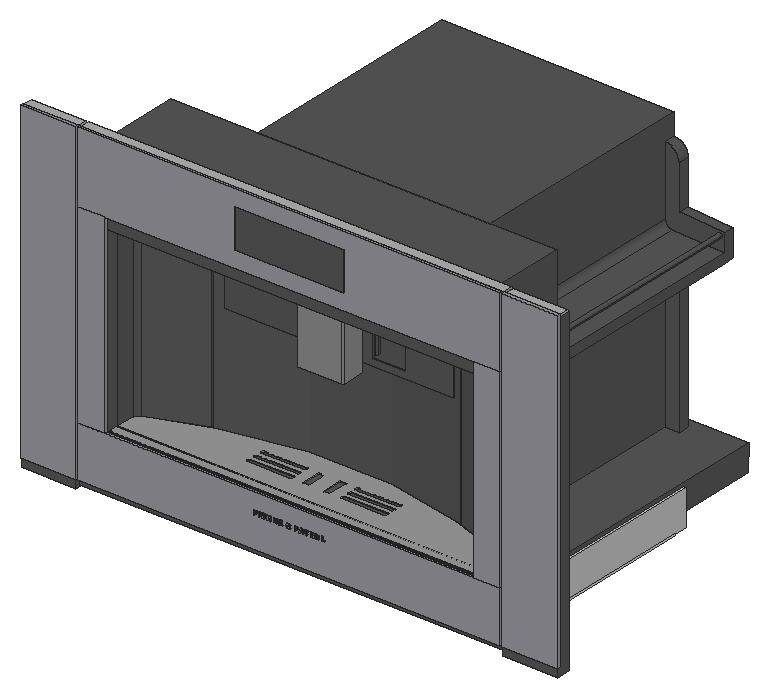
Revit family "gapped-FP-Revit20-en-EB60_BuiltInCoffeeMaker-incl-76cmTrimKits-0-9000xxxxA-NZ-AU", category Specialty Equipment, Revit 2020 (continued)
Definition of nested family "30in-76cm Coffee Fronts"
  Automatic sketch dimensions
    Extrusion 5 sketch curve to plane 4 "Product - Height" = 0 mm
    Extrusion 5 sketch curve to plane 5 "Front" = 0 mm
    Extrusion 5 sketch curve to plane 9 "Frame" = 0 mm
    Extrusion 5 sketch curve to plane 1 "Datum" = 0 mm
    Extrusion 5 sketch curve to Extrusion 5 sketch curve = 2.8 mm
    Extrusion 5 sketch curve to plane 4 "Product - Height" = 3.639 mm
    Extrusion 7 sketch curve to plane 4 "Product - Height" = 88 mm
    Extrusion 7 sketch curve to plane 4 "Product - Height" = 12 mm
    Extrusion 7 sketch curve to plane 3 "Center (Left/Right)" = 114.875 mm
    plane 3 "Center (Left/Right)" to Extrusion 7 sketch curve = 114.875 mm
    Extrusion 1 sketch curve to plane 4 "Product - Height" = 0 mm
    Extrusion 1 sketch curve to plane 8 "Product - Width LHS" = 0 mm
    Extrusion 1 sketch curve to plane 10 "A" = 0 mm
    Extrusion 1 sketch curve to plane 13 "C" = 0 mm
    Extrusion 1 sketch curve to plane 11 "D" = 0 mm
    Extrusion 1 sketch curve to plane 6 "Bottom Gap" = 0 mm
    Extrusion 1 sketch curve to plane 7 "Product - Width RHS" = 0 mm
    Extrusion 1 sketch curve to plane 12 "B" = 0 mm
    Extrusion 6 sketch curve to plane 12 "B" = 0 mm
    plane 13 "C" to Extrusion 6 sketch curve = 0 mm
    Extrusion 6 sketch curve to plane 8 "Product - Width LHS" = 0 mm  (x2)
    Extrusion 6 sketch curve to plane 11 "D" = 0 mm
    Extrusion 6 sketch curve to plane 7 "Product - Width RHS" = 0 mm
    plane 7 "Product - Width RHS" to Extrusion 6 sketch curve = 0 mm
    Extrusion 6 sketch curve to plane 10 "A" = 0 mm
    Extrusion 6 sketch curve to plane 4 "Product - Height" = 0 mm
    Extrusion 6 sketch curve to plane 12 "B" = 2 mm  (x2)
    Extrusion 6 sketch curve to Extrusion 6 sketch curve = 2 mm  (x4)
    Extrusion 6 sketch curve to plane 10 "A" = 2 mm
    plane 10 "A" to Extrusion 6 sketch curve = 12 mm
    Extrusion 6 sketch curve to plane 4 "Product - Height" = 14 mm  (x2)
    Extrusion 6 sketch curve to plane 3 "Center (Left/Right)" = 114.875 mm
    plane 3 "Center (Left/Right)" to Extrusion 6 sketch curve = 112.875 mm
    profile plane to Sweep 8 sketch curve = 0 mm
    Sweep 8 sketch curve to profile plane = 0 mm
    profile plane to Sweep 8 sketch curve = 3 mm
    profile plane to Sweep 8 sketch curve = 2 mm
    Extrusion 2 sketch curve to plane 8 "Product - Width LHS" = 0 mm
    Extrusion 2 sketch curve to plane 7 "Product - Width RHS" = 0 mm
    Extrusion 2 sketch curve to plane 12 "B" = 0 mm
    plane 13 "C" to Extrusion 2 sketch curve = 0 mm
    Extrusion 2 sketch curve to plane 12 "B" = 2 mm  (x2)
    Extrusion 2 sketch curve to plane 10 "A" = 2 mm  (x2)
    plane 10 "A" to Extrusion 2 sketch curve = 0 mm
    Extrusion 2 sketch curve to plane 4 "Product - Height" = 3.87 mm
    Extrusion 9 sketch curve to Extrusion 9 sketch curve = 0.2 mm  (x2)
    Extrusion 9 sketch curve to plane 12 "B" = 0.2 mm
    Extrusion 9 sketch curve to plane 10 "A" = 0.2 mm
    plane 10 "A" to Extrusion 9 sketch curve = 23 mm
    Extrusion 9 sketch curve to plane 4 "Product - Height" = 23 mm
    Extrusion 9 sketch curve to plane 3 "Center (Left/Right)" = 77 mm
    plane 3 "Center (Left/Right)" to Extrusion 9 sketch curve = 77 mm
    plane 9 "Frame" to Extrusion 10 sketch curve = 1.918 mm
    plane 1 "Datum" to Extrusion 10 sketch curve = 0 mm
    Extrusion 10 sketch curve to plane 4 "Product - Height" = 4 mm
    Extrusion 10 sketch curve to plane 4 "Product - Height" = 1.481 mm
    Extrusion 11 sketch curve to plane 9 "Frame" = 0 mm
    Extrusion 11 sketch curve to plane 1 "Datum" = 0 mm
    Extrusion 11 sketch curve to plane 10 "A" = 0 mm
    Extrusion 11 sketch curve to plane 4 "Product - Height" = 0 mm
Definition of nested family "30in-76cm Coffee Trims"
  Parameters (values of type "Coffee Trim Contemporary")
    Visibility - Professional = no
    Visibility - Contemporary and Minimal = yes
    URL = "www.fisherpaykel.com"
    Product - Width = 758 mm  # constant formula
    Product - Height = 458 mm  # constant formula
    Product - Depth = ([Control Panel - Depth])  # 20 mm
    Model = ""
    Material - Trim = none
    Material - Front = none
    Material - Body = none
    Manufacturer = "Fisher & Paykel Appliances"
    Keynote = ""
    Gap Lower - Height = 12 mm
    Frame - Height = 454 mm
    Description = ""
    Default Elevation = 0 mm
    Control Panel - Depth = 20 mm
  Types (4, lengths in mm): name | Visibility - Professional | Visibility - Contemporary and Minimal | Product - Depth | Gap Lower - Height | Frame - Height | Control Panel - Depth
    Coffee Trim Professional | yes | no | 24 | 13.5 | 456 | 24
    Coffee Trim Minimal (Grey) | no | yes | 20 | 12 | 454 | 20
    Coffee Trim Minimal (Black) | no | yes | 20 | 12 | 454 | 20
    Coffee Trim Contemporary | no | yes | 20 | 12 | 454 | 20
  Reference planes
    plane 1 "Datum": y = 0
    plane 2: z = 0
    plane 3 "Center (Left/Right)": x = 0
    plane 4 "Product - Height": z = 458
    plane 5 "Front": y = -20
    plane 6 "Bottom Gap": z = 12
    plane 7 "Product - Width RHS": x = 379
    plane 8 "Product - Width LHS": x = -379
    plane 9 "Frame": y = -16
    plane 10: x = -300.5
    plane 11: x = 300.5
    plane 12: x = -378
    plane 13: x = -301.5
    plane 14: x = 378
    plane 15: x = 301.5
  Forms (mm)
    Extrusion 1, solid, material <- "Material - Front", visible <- "Visibility - Contemporary and Minimal"
      sketch origin (0, -20, 0) x (0, 0, 1) y (1, 0, 0)
        loop
          line (458, -379) -> (458, -300.5) -> (12, -300.5) -> (12, -379) -> (458, -379)
        loop
          line (458, 379) -> (12, 379) -> (12, 300.5) -> (458, 300.5) -> (458, 379)
      from 0 to 4
    Extrusion 2, solid, material <- "Material - Trim", visible <- "Visibility - Contemporary and Minimal", detail levels fine
      sketch origin (0, 0, 0) x (0, 1, 0) y (0, 0, 1)
        loop
          line (-14.419, 456.519) -> (-14.419, 454) -> (-0.919, 454) -> (-0.919, 456.519) -> (-14.419, 456.519)
      from -378 to -301.5
    Extrusion 3, solid, material <- "Material - Body", visible <- "Visibility - Contemporary and Minimal"
      sketch origin (0, 0, 0) x (0, 1, 0) y (0, 0, 1)
        loop
          line (-0.919, 0) -> (-0.919, 454) -> (-19.219, 454) -> (-19.219, 0) -> (-0.919, 0)
      from -378 to -301.5
    Extrusion 4, solid, material <- "Material - Trim", visible <- "Visibility - Contemporary and Minimal", detail levels fine
      sketch origin (0, 0, 0) x (0, 1, 0) y (0, 0, -1)
        loop
          line (-14.419, -456.519) -> (-0.919, -456.519) -> (-0.919, -454) -> (-14.419, -454) -> (-14.419, -456.519)
      from -378 to -301.5
    Extrusion 5, solid, material <- "Material - Front", visible <- "Visibility - Professional"
      sketch origin (0, -20, 0) x (0, 0, 1) y (1, 0, 0)
        loop
          line (458, -379) -> (458, -300.5) -> (12, -300.5) -> (12, -379) -> (458, -379)
        loop
          line (458, 300.5) -> (458, 379) -> (12, 379) -> (12, 300.5) -> (458, 300.5)
      from 0 to 20
    Extrusion 6, solid, material <- "Material - Body"
      sketch origin (0, 0, 0) x (1, 0, 0) y (0, 1, 0)
        loop
          line (301.5, 0) -> (301.5, -19.219) -> (378, -19.219) -> (378, 0) -> (301.5, 0)
        loop
          line (-301.5, 0) -> (-378, 0) -> (-378, -19.219) -> (-301.5, -19.219) -> (-301.5, 0)
      from 0 to 454
  Dimensions and locks
    "Product - Depth": plane 1 "Datum" to plane 5 "Front"
    "Product - Height": plane 4 "Product - Height" to level
    "Gap Lower - Height": plane 6 "Bottom Gap" to level
    equal spacing: plane 8 "Product - Width LHS", plane 3 "Center (Left/Right)", plane 7 "Product - Width RHS"
    "Product - Width": plane 8 "Product - Width LHS" to plane 7 "Product - Width RHS"
    locked: plane 9 "Frame" to plane 1 "Datum" at 16
    equal spacing: Extrusion 1 sketch curve, plane 3 "Center (Left/Right)", Extrusion 1 sketch curve
    Extrusion 1 sketch curve to plane 8 "Product - Width LHS" = 78.5 mm
    equal spacing: plane 10, plane 3 "Center (Left/Right)", plane 11
    locked: plane 8 "Product - Width LHS" to plane 10 at 78.5
    locked: plane 13 to plane 10 at 1
    locked: plane 14 to plane 7 "Product - Width RHS" at 1
    plane 11 to plane 15 = 1 mm
    locked: plane 8 "Product - Width LHS" to plane 12 at 1
    "Frame - Height": Extrusion 6 to level
    aligned and locked: level to plane 2
    aligned and locked: plane 9 "Frame" to Extrusion 1
    aligned and locked: Extrusion 1 to plane 5 "Front"
    aligned and locked: Extrusion 1 to plane 8 "Product - Width LHS"
    aligned and locked: Extrusion 1 sketch curve to plane 6 "Bottom Gap"  (x2)
    aligned and locked: plane 4 "Product - Height" to Extrusion 1 sketch curve  (x2)
    aligned and locked: Extrusion 3 to Extrusion 2
    aligned and locked: Extrusion 2 to Extrusion 3
    aligned and locked: Extrusion 4 to plane 14
    aligned and locked: plane 15 to Extrusion 4
    aligned and locked: plane 13 to Extrusion 2
    aligned and locked: plane 13 to Extrusion 3
    aligned and locked: Extrusion 2 to plane 12
    aligned and locked: Extrusion 3 to plane 12
    aligned and locked: Extrusion 5 sketch curve to plane 6 "Bottom Gap"
    aligned and locked: plane 6 "Bottom Gap" to Extrusion 5 sketch curve
    aligned and locked: Extrusion 5 sketch curve to plane 11
    aligned and locked: Extrusion 5 sketch curve to plane 7 "Product - Width RHS"
    aligned and locked: Extrusion 5 sketch curve to plane 4 "Product - Height"  (x2)
    aligned and locked: plane 10 to Extrusion 5 sketch curve
    aligned and locked: plane 8 "Product - Width LHS" to Extrusion 5 sketch curve
    aligned and locked: Extrusion 5 to plane 5 "Front"
    aligned and locked: plane 1 "Datum" to Extrusion 6 sketch curve
    aligned and locked: plane 14 to Extrusion 6 sketch curve
    aligned and locked: Extrusion 6 sketch curve to plane 15
    aligned and locked: plane 13 to Extrusion 6 sketch curve
    aligned and locked: Extrusion 6 sketch curve to plane 12
    aligned and locked: Extrusion 6 sketch curve to plane 1 "Datum"
    aligned and locked: Extrusion 6 to level
  Automatic sketch dimensions
    Extrusion 1 sketch curve to plane 8 "Product - Width LHS" = 0 mm
    Extrusion 1 sketch curve to plane 7 "Product - Width RHS" = 0 mm
    plane 9 "Frame" to Extrusion 2 sketch curve = 1.581 mm
    plane 1 "Datum" to Extrusion 2 sketch curve = 0.919 mm
    Extrusion 2 sketch curve to plane 4 "Product - Height" = 4 mm
    Extrusion 2 sketch curve to plane 4 "Product - Height" = 1.481 mm
    Extrusion 3 sketch curve to level = 0 mm
    Extrusion 3 sketch curve to plane 9 "Frame" = 3.219 mm
    plane 1 "Datum" to Extrusion 3 sketch curve = 0.919 mm
    Extrusion 3 sketch curve to plane 4 "Product - Height" = 4 mm
    plane 9 "Frame" to Extrusion 4 sketch curve = 1.581 mm
    plane 1 "Datum" to Extrusion 4 sketch curve = 0.919 mm
    Extrusion 4 sketch curve to plane 4 "Product - Height" = 1.481 mm
    Extrusion 4 sketch curve to Extrusion 4 sketch curve = 2.519 mm
    Extrusion 6 sketch curve to plane 9 "Frame" = 3.219 mm  (x2)
Types (7, lengths in mm): name | Visibility - Trim Kit | Type Comments | Style - Trims | Style - Front | Opening - Width | Opening - Depth | Model | Material - Front | Gap Lower - Height
  EB60MSG3 | no | "Minimal Grey" | 30in-76cm Coffee Trims : Coffee Trim Minimal (Grey) | 30in-76cm Coffee Fronts : Coffee Front Minimal (Grey) | 600 | 20 | "EB60MSG3" | Fisher & Paykel - Glass, Grey | 9
  EB76PSX3 | yes | "Professional" | 30in-76cm Coffee Trims : Coffee Trim Professional | 30in-76cm Coffee Fronts : Coffee Front Professional | 762 | 24 | "EB76PSX3" | Fisher & Paykel - Stainless Steel | 13
  EB60MSB3 | no | "Minimal Black" | 30in-76cm Coffee Trims : Coffee Trim Minimal (Black) | 30in-76cm Coffee Fronts : Coffee Front Minimal (Black) | 600 | 20 | "EB60MSB4" | Fisher & Paykel - Glass, Black | 9
  EB60CSX3 | no | "Contemporary" | 30in-76cm Coffee Trims : Coffee Trim Contemporary | 30in-76cm Coffee Fronts : Coffee Front Contemporary | 600 | 20 | "EB60CSX3" | Fisher & Paykel - Glass, Brushed | 9
  EB60CSX3 with TK7630NCX3 Trim Kit | yes | "Contemporary" | 30in-76cm Coffee Trims : Coffee Trim Contemporary | 30in-76cm Coffee Fronts : Coffee Front Contemporary | 762 | 20 | "EB30CSX3 with TK7630NCX3 Trim Kit" | Fisher & Paykel - Glass, Brushed | 9
  EB60MSB3 with TK7630NMB3 Trim Kit | no | "Minimal Black" | 30in-76cm Coffee Trims : Coffee Trim Minimal (Black) | 30in-76cm Coffee Fronts : Coffee Front Minimal (Black) | 762 | 20 | "EB60MSB3 with TK7630NMB3 Trim Kit" | Fisher & Paykel - Glass, Black | 9
  EB60MSG3 with TK7630NMG3 Trim Kit | yes | "Minimal Grey" | 30in-76cm Coffee Trims : Coffee Trim Minimal (Grey) | 30in-76cm Coffee Fronts : Coffee Front Minimal (Grey) | 762 | 20 | "EB60MSG3 with TK7630NMG3 Trim Kit" | Fisher & Paykel - Glass, Grey | 9
